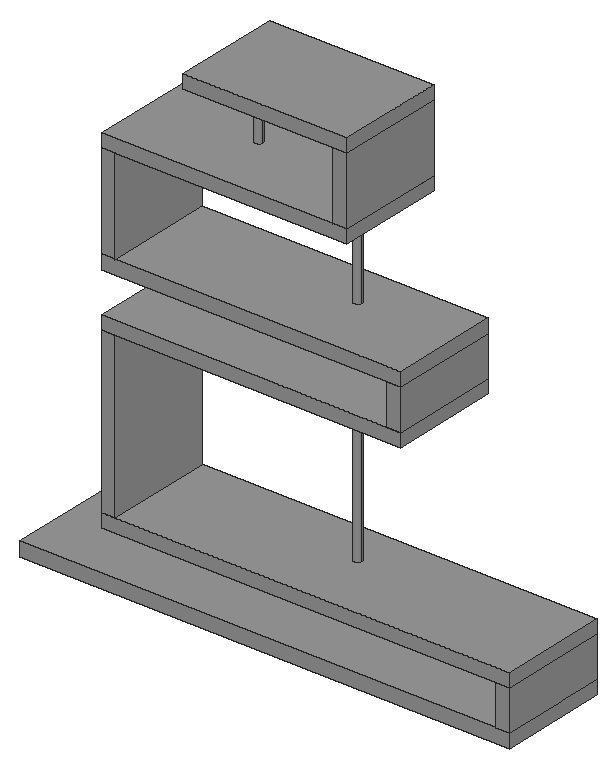
Revit family "MBS_bookcase", category Generic Models, Revit 2014
Parameters (values of type "bookcase2")
  support material = Glass, Clear Glazing SUPPORT MBS
  shelves thickness = 50 mm
  shelves depht = 400 mm
  c_side5 height = 250 mm
  c_side4 height = 350 mm
  c_side3 height = 150 mm
  c_side2 height = 600 mm
  c_side1 height = 150 mm
  c_shelf6 widht = 600 mm
  c_shelf5 widht = 900 mm
  c_shelf4 widht = 1100 mm
  c_shelf3 widht = 1100 mm
  c_shelf2 widht = 1500 mm
  c_shelf1 widht = 1800 mm
  bookcase material = Oak, White BOOKCASE MBS
Types (3, lengths in mm): name | shelves depht | c_side4 height | c_side3 height | c_side2 height | c_side1 height | c_shelf6 widht | c_shelf5 widht | c_shelf4 widht | c_shelf3 widht | c_shelf1 widht
  (no name) | 400 | 350 | 150 | 600 | 150 | 600 | 900 | 1100 | 1100 | 1800
  bookcase1 | 300 | 200 | 300 | 500 | 250 | 900 | 1200 | 900 | 900 | 1500
  bookcase2 | 400 | 350 | 150 | 600 | 150 | 600 | 900 | 1100 | 1100 | 1800
Reference planes
  plane 1 "Center (Front/Back)": y = 0
  plane 2: z = 0
  plane 3 "Center (Left/Right)": x = 0
  plane 4: y = 559.322
  plane 5: y = 159.322
  plane 6: x = -569.619
  plane 7: x = -2369.619
  plane 8: x = -569.619
  plane 9: z = 50
  plane 10: z = 200
  plane 11: y = 559.322
  plane 12: y = 159.322
  plane 13: z = 300
  plane 14: y = 559.322
  plane 15: y = 159.322
  plane 16: x = -569.619
  plane 17: x = -2069.619
  plane 18: x = -2069.619
  plane 19: z = 850
  plane 20: y = 559.322
  plane 21: y = 159.322
  plane 22: x = -2069.619
  plane 23: x = -969.619
  plane 24: x = -1169.619
  plane 25: z = 900
  plane 26: z = 1050
  plane 27: y = 559.322
  plane 28: y = 159.322
  plane 29: z = 1200
  plane 30: x = -2069.619
  plane 31: z = 1450
  plane 32: y = 559.322
  plane 33: y = 159.322
  plane 34: x = -2069.619
  plane 35: x = -1169.619
  plane 36: x = -769.619
  plane 37: z = 1500
  plane 38: z = 1750
  plane 39: y = 559.322
  plane 40: y = 159.322
  plane 41: z = 1750
  plane 42: y = 559.322
  plane 43: y = 159.322
  plane 44: x = -1769.619
  plane 45: x = -1169.619
  plane 46: z = 50
  plane 47: z = 350
  plane 48: z = 900
  plane 49: z = 1500
  plane 50: z = 1250
  plane 51: y = 559.322
  plane 52: y = 159.322
  plane 53: z = 850
  plane 54: z = 250
  plane 55: y = 559.322
  plane 56: y = 159.322
  plane 57: x = -2069.619
  plane 58: x = -969.619
  plane 59: z = 1450
  plane 60: z = 1100
  plane 61: y = 559.322
  plane 62: y = 159.322
Forms (mm)
  Extrusion 1, solid, material "Oak, White BOOKCASE MBS" <- "bookcase material"
    sketch origin (-2639.238, 818.644, 0) x (-1, 0, 0) y (0, -1, 0)
      loop
        line (-2069.619, 659.322) -> (-2069.619, 259.322) -> (-269.619, 259.322) -> (-269.619, 659.322) -> (-2069.619, 659.322)
    from 0 to 50
  Extrusion 2, solid, material "Oak, White BOOKCASE MBS" <- "bookcase material"
    sketch origin (-569.619, -1635.025, -107.144) x (0, 0, -1) y (0, -1, 0)
      loop
        line (-307.144, -2194.347) -> (-157.144, -2194.347) -> (-157.144, -1794.347) -> (-307.144, -1794.347) -> (-307.144, -2194.347)
    from 0 to 50
  Extrusion 3, solid, material "Oak, White BOOKCASE MBS" <- "bookcase material"
    sketch origin (-2932.597, 2730.261, 300) x (-1, 0, 0) y (0, -1, 0)
      loop
        line (-2362.978, 2570.939) -> (-2362.978, 2170.939) -> (-862.978, 2170.939) -> (-862.978, 2570.939) -> (-2362.978, 2570.939)
    from -100 to -50
  Extrusion 4, solid, material "Oak, White BOOKCASE MBS" <- "bookcase material"
    sketch origin (-4665.146, 2699.373, 850) x (-1, 0, 0) y (0, -1, 0)
      loop
        line (-2595.527, 2540.051) -> (-3695.527, 2540.051) -> (-3695.527, 2140.051) -> (-2595.527, 2140.051) -> (-2595.527, 2540.051)
    from 0 to 50
  Extrusion 5, solid, material "Oak, White BOOKCASE MBS" <- "bookcase material"
    sketch origin (-1169.619, -2407.099, 565.924) x (0, 0, -1) y (0, -1, 0)
      loop
        line (-484.076, -2966.421) -> (-334.076, -2966.421) -> (-334.076, -2566.421) -> (-484.076, -2566.421) -> (-484.076, -2966.421)
    from -200 to -150
  Extrusion 6, solid, material "Oak, White BOOKCASE MBS" <- "bookcase material"
    sketch origin (-2598.726, -1924, 1450) x (-1, 0, 0) y (0, -1, 0)
      loop
        line (-529.107, -2483.322) -> (-529.107, -2083.322) -> (-1429.107, -2083.322) -> (-1429.107, -2483.322) -> (-529.107, -2483.322)
    from 0 to 50
  Extrusion 7, solid, material "Oak, White BOOKCASE MBS" <- "bookcase material"
    sketch origin (-769.619, -1629.088, 1220) x (0, 0, -1) y (0, -1, 0)
      loop
        line (-530, -2188.41) -> (-280, -2188.41) -> (-280, -1788.41) -> (-530, -1788.41) -> (-530, -2188.41)
    from 400 to 450
  Extrusion 8, solid, material "Oak, White BOOKCASE MBS" <- "bookcase material"
    sketch origin (-1834.757, -2266.938, 1750) x (-1, 0, 0) y (0, -1, 0)
      loop
        line (-65.138, -2826.261) -> (-65.138, -2426.261) -> (-665.138, -2426.261) -> (-665.138, -2826.261) -> (-65.138, -2826.261)
    from 0 to 50
  Extrusion 9, solid, material "Glass, Clear Glazing SUPPORT MBS" <- "support material"
    sketch origin (-1704.223, -1524, 50) x (1, 0, 0) y (0, 1, 0)
      loop
        circle (-242.581, 1927.832) r 15
    from 0 to 150
  Extrusion 10, solid, material "Glass, Clear Glazing SUPPORT MBS" <- "support material"
    sketch origin (-1614.619, -1524, 900) x (1, 0, 0) y (0, 1, 0)
      loop
        circle (-332.185, 1927.832) r 15
    from 0 to 150
  Extrusion 11, solid, material "Glass, Clear Glazing SUPPORT MBS" <- "support material"
    sketch origin (-669.619, -1525.83, 350) x (-1, 0, 0) y (0, -1, 0)
      loop
        circle (653.439, -1929.662) r 15
    from -100 to 500
  Extrusion 12, solid, material "Glass, Clear Glazing SUPPORT MBS" <- "support material"
    sketch origin (-1369.619, -1524, 1250) x (1, 0, 0) y (0, 1, 0)
      loop
        circle (46.561, 1927.832) r 15
    from -150 to 200
  Extrusion 13, solid, material "Glass, Clear Glazing SUPPORT MBS" <- "support material"
    sketch origin (-1339.619, -1524, 1500) x (1, 0, 0) y (0, 1, 0)
      loop
        circle (-347.185, 1927.832) r 15
    from 0 to 250
  Extrusion 14, solid, material "Oak, White BOOKCASE MBS" <- "bookcase material"
    sketch origin (-2069.619, 2821.985, -390.187) x (0, 0, -1) y (0, 1, 0)
      loop
        line (-1240.187, -2662.663) -> (-640.187, -2662.663) -> (-640.187, -2262.663) -> (-1240.187, -2262.663) -> (-1240.187, -2662.663)
    from 0 to 50
  Extrusion 15, solid, material "Oak, White BOOKCASE MBS" <- "bookcase material"
    sketch origin (-479.335, 3022.927, 1200) x (1, 0, 0) y (0, 1, 0)
      loop
        line (-1590.284, -2863.605) -> (-490.284, -2863.605) -> (-490.284, -2463.605) -> (-1590.284, -2463.605) -> (-1590.284, -2863.605)
    from -150 to -100
  Extrusion 16, solid, material "Oak, White BOOKCASE MBS" <- "bookcase material"
    sketch origin (-2069.619, -2473.054, 1290.294) x (0, 0, 1) y (0, -1, 0)
      loop
        line (-190.294, -3032.376) -> (159.706, -3032.376) -> (159.706, -2632.376) -> (-190.294, -2632.376) -> (-190.294, -3032.376)
    from 0 to 50
Dimensions and locks
  "c_shelf1 widht": plane 6 to plane 7
  "shelves depht": plane 4 to plane 5
  "shelves depht": plane 11 to plane 12
  "c_side1 height": plane 9 to plane 10
  "shelves depht": plane 14 to plane 15
  "c_shelf2 widht": plane 16 to plane 17
  "shelves thickness": Extrusion 3 to Extrusion 3
  "shelves thickness": Extrusion 1 to Extrusion 1
  "shelves thickness": Extrusion 2 to Extrusion 2
  "c_shelf3 widht": plane 22 to plane 23
  "shelves depht": plane 21 to plane 20
  "shelves thickness": Extrusion 4 to Extrusion 4
  "shelves depht": plane 27 to plane 28
  "c_side3 height": plane 25 to plane 26
  "shelves thickness": Extrusion 5 to Extrusion 5
  "c_shelf5 widht": plane 34 to plane 35
  "shelves depht": plane 33 to plane 32
  "shelves thickness": Extrusion 6 to Extrusion 6
  "shelves depht": plane 39 to plane 40
  "c_side5 height": plane 37 to plane 38
  "shelves thickness": Extrusion 7 to Extrusion 7
  "c_shelf6 widht": plane 44 to plane 45
  "shelves depht": plane 42 to plane 43
  "shelves thickness": Extrusion 8 to Extrusion 8
  Extrusion 8 to plane 3 "Center (Left/Right)" = 1769.619 mm
  "c_side2 height": plane 53 to plane 54
  "shelves depht": plane 52 to plane 51
  "shelves thickness": Extrusion 14 to Extrusion 14
  "c_shelf4 widht": plane 57 to plane 58
  "shelves depht": plane 55 to plane 56
  "shelves thickness": Extrusion 15 to Extrusion 15
  "shelves depht": plane 61 to plane 62
  "c_side4 height": plane 59 to plane 60
  locked: Extrusion 16 to Extrusion 16 at 50
  aligned and locked: level to plane 2
  aligned and locked: plane 4 to Extrusion 1 sketch curve
  aligned and locked: plane 5 to Extrusion 1 sketch curve
  aligned and locked: plane 6 to Extrusion 1 sketch curve
  aligned and locked: plane 7 to Extrusion 1 sketch curve
  aligned and locked: plane 9 to Extrusion 2 sketch curve
  aligned and locked: plane 10 to Extrusion 2 sketch curve
  aligned and locked: plane 11 to Extrusion 2 sketch curve
  aligned and locked: plane 12 to Extrusion 2 sketch curve
  aligned and locked: plane 14 to Extrusion 3 sketch curve
  aligned and locked: Extrusion 3 sketch curve to plane 15
  aligned and locked: Extrusion 3 sketch curve to plane 16
  aligned and locked: plane 17 to Extrusion 3 sketch curve
  aligned and locked: Extrusion 2 to Extrusion 3
  aligned and locked: Extrusion 4 sketch curve to plane 20
  aligned and locked: Extrusion 4 sketch curve to plane 21
  aligned and locked: plane 22 to Extrusion 4 sketch curve
  aligned and locked: plane 23 to Extrusion 4 sketch curve
  aligned and locked: plane 25 to Extrusion 5 sketch curve
  aligned and locked: plane 26 to Extrusion 5 sketch curve
  aligned and locked: Extrusion 5 sketch curve to plane 28
  aligned and locked: plane 27 to Extrusion 5 sketch curve
  aligned and locked: Extrusion 4 to Extrusion 5
  aligned and locked: plane 34 to Extrusion 6 sketch curve
  aligned and locked: plane 35 to Extrusion 6 sketch curve
  aligned and locked: plane 32 to Extrusion 6 sketch curve
  aligned and locked: Extrusion 6 sketch curve to plane 33
  aligned and locked: plane 37 to Extrusion 7 sketch curve
  aligned and locked: plane 39 to Extrusion 7 sketch curve
  aligned and locked: plane 40 to Extrusion 7 sketch curve
  aligned and locked: plane 38 to Extrusion 7 sketch curve
  aligned and locked: Extrusion 6 to Extrusion 7
  aligned and locked: plane 42 to Extrusion 8 sketch curve
  aligned and locked: plane 43 to Extrusion 8 sketch curve
  aligned and locked: plane 45 to Extrusion 8 sketch curve
  aligned and locked: plane 44 to Extrusion 8 sketch curve
  aligned and locked: Extrusion 11 to Extrusion 4
  aligned and locked: Extrusion 12 to Extrusion 6
  aligned and locked: Extrusion 13 to Extrusion 8
  aligned and locked: Extrusion 9 to Extrusion 3
  aligned and locked: Extrusion 11 to Extrusion 3
  aligned and locked: plane 51 to Extrusion 14 sketch curve
  aligned and locked: plane 52 to Extrusion 14 sketch curve
  aligned and locked: plane 53 to Extrusion 14 sketch curve
  aligned and locked: plane 54 to Extrusion 14 sketch curve
  aligned and locked: plane 55 to Extrusion 15 sketch curve
  aligned and locked: plane 56 to Extrusion 15 sketch curve
  aligned and locked: plane 57 to Extrusion 15 sketch curve
  aligned and locked: Extrusion 15 sketch curve to plane 58
  aligned and locked: Extrusion 5 to Extrusion 15
  aligned and locked: Extrusion 10 to Extrusion 15
  aligned and locked: Extrusion 12 to Extrusion 15
  aligned and locked: plane 59 to Extrusion 16 sketch curve
  aligned and locked: plane 60 to Extrusion 16 sketch curve
  aligned and locked: plane 62 to Extrusion 16 sketch curve
  aligned and locked: Extrusion 16 sketch curve to plane 61
Automatic sketch dimensions
  Extrusion 9 sketch curve to plane 18 = 122.815 mm
  Extrusion 9 sketch curve to plane 1 "Center (Front/Back)" = 403.832 mm
  Extrusion 10 sketch curve to plane 18 = 122.815 mm
  Extrusion 10 sketch curve to plane 1 "Center (Front/Back)" = 403.832 mm
  plane 24 to Extrusion 11 sketch curve = 153.439 mm
  Extrusion 11 sketch curve to plane 1 "Center (Front/Back)" = 403.832 mm
  plane 24 to Extrusion 12 sketch curve = 153.439 mm
  Extrusion 12 sketch curve to plane 1 "Center (Front/Back)" = 403.832 mm
  Extrusion 13 sketch curve to plane 18 = 382.815 mm
  Extrusion 13 sketch curve to plane 1 "Center (Front/Back)" = 403.832 mm
  radius of Extrusion 9 sketch curve = 15 mm
  radius of Extrusion 10 sketch curve = 15 mm
  radius of Extrusion 11 sketch curve = 15 mm
  radius of Extrusion 12 sketch curve = 15 mm
  radius of Extrusion 13 sketch curve = 15 mm
